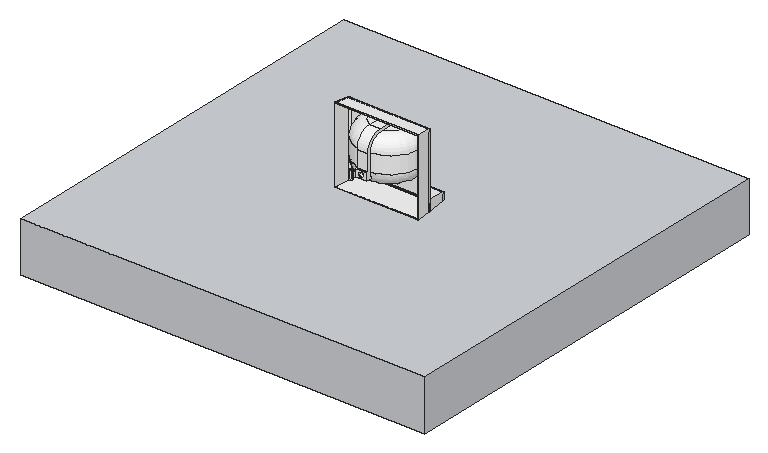
Revit family
Parameters (values of type "Cast_Iron-Kohler-0-White")
  Width = 1' - 8"
  Waste Connection = yes
  WFU = 0
  URL = "http://www.us.kohler.com"
  Sanitary Radius = 5/8"
  Sanitary Diameter = Sanitary Radius * 2  # 1 1/4"
  Sanitary Connector = "Sanitary Connection"  # constant formula
  Product Page URL = "http://www.us.kohler.com/onlinecatalog/detail.jsp?prod_num=2867"
  Product Documentation Link = "http://www.us.kohler.com/onlinecatalog/pdf/105060_4.pdf"
  Model = "K-2867"  # constant formula
  Manufacturer = "Kohler"  # constant formula
  Length = 1' - 6"
  Height = 1' - 1 1/2"
  Finish = Cast Iron-Kohler-0-White
  Description = "Hudson™ wall-mount lavatory with 4 inch centers and lugs for chair carrier\r\n"  # constant formula
  Default Elevation = 0' - 0"
  Created By = "http://www.medialab3dstudio.com"
  CW Connection = no
  Assembly Code = "D2010400"
Reference planes
  plane 1 "Center (Top/Bottom)": y = 0
  plane 2 "Back": z = 0
  plane 3 "Center (Left/Right)": x = 0
  plane 4 "Left": x = -254
  plane 5 "Right": x = 254
  plane 6 "Bottom of Sink": y = -171.45
  plane 7 "Top": y = 171.45
  plane 8 "Finished Floor": y = -742.95
  plane 9 "Front": z = 457.2
  plane 10: y = 44.45
  plane 11: y = -314.325
  plane 12 "Drain Location": z = 203.2
Forms (mm)
  Extrusion 1, solid
    sketch origin (0, 0, 0) x (1, 0, 0) y (0, 1, 0)
      loop
        line (-1219.2, 1219.2) -> (-1219.2, -1219.2) -> (1219.2, -1219.2) -> (1219.2, 1219.2) -> (-1219.2, 1219.2)
    from 0 to -304.8
  Sweep 2, solid, material "Cast Iron-Kohler-0-White" <- "Finish", detail levels fine
    path origin (0, 0, 0) x (1, 0, 0) y (0, 0, 1)
      loop
        line (254, 0) -> (254, 457.2) -> (-254, 457.2) -> (-254, 0)
    profile origin (254, 0, 228.6) x (-1, 0, 0) y (0, -1, 0)
      loop
        line (0, 57.452) -> (7.621, -29.659)
        arc (7.621, -29.659) -> (11.881, -39.943) -> (22.165, -44.202) r 14.543
        line (22.165, -44.202) -> (28.515, -44.202) -> (28.515, -40.996) -> (22.171, -40.996)
        arc (22.171, -40.996) -> (14.119, -37.661) -> (10.784, -29.609) r 11.387
        line (10.784, -29.609) -> (3.187, 57.452) -> (0, 57.452)
  Sweep 3, solid, material "Cast Iron-Kohler-0-White" <- "Finish", detail levels fine
    path origin (0, 0, 0) x (1, 0, 0) y (0, 0, 1)
      loop
        line (224.463, 0) -> (224.463, 44.313) -> (-224.463, 44.313) -> (-224.463, 0)
    profile origin (224.463, 0, 22.156) x (-1, 0, 0) y (0, -1, 0)
      loop
        line (-21.915, -29.659) -> (-2.953, -158.152)
        arc (-2.953, -158.152) -> (2.597, -167.944) -> (13.292, -171.45) r 15.596
        line (13.292, -171.45) -> (19.642, -171.45) -> (19.642, -168.275) -> (13.204, -168.275)
        arc (13.204, -168.275) -> (4.638, -165.512) -> (0.188, -157.689) r 12.421
        line (0.188, -157.689) -> (-18.706, -29.659) -> (-21.915, -29.659)
  Extrusion 4, solid, material "Cast Iron-Kohler-0-White" <- "Finish", detail levels fine
    sketch origin (0, 0, 0) x (1, 0, 0) y (0, 0, 1)
      loop
        line (204.822, 24.671) -> (-204.822, 24.671) -> (-204.822, 0) -> (204.822, 0) -> (204.822, 24.671)
    from -171.45 to -168.275
  Extrusion 5, solid, material "Cast Iron-Kohler-0-White" <- "Finish", detail levels fine
    sketch origin (0, 0, 0) x (1, 0, 0) y (0, 0, 1)
      loop
        line (225.485, 428.685) -> (-225.485, 428.685) -> (-225.485, 62.469) -> (225.485, 62.469) -> (225.485, 428.685)
    from -44.202 to -40.996
  Extrusion 6, void
    sketch origin (0, 0, 0) x (1, 0, 0) y (0, 0, 1)
      loop
        line (187.545, 218.558) -> (187.545, 321.526)
        arc (187.545, 321.526) -> (163.756, 378.957) -> (106.326, 402.745) r 81.219
        line (106.326, 402.745) -> (-106.326, 402.745)
        arc (-106.326, 402.745) -> (-163.756, 378.957) -> (-187.545, 321.526) r 81.219
        line (-187.545, 321.526) -> (-187.545, 218.558)
        arc (-187.545, 218.558) -> (-165.486, 165.304) -> (-112.232, 143.246) r 75.312
        line (-112.232, 143.246) -> (112.232, 143.246)
        arc (112.232, 143.246) -> (165.486, 165.304) -> (187.545, 218.558) r 75.312
    from -44.202 to -40.996
  Extrusion 7, void
    sketch origin (0, 0, 0) x (1, 0, 0) y (0, 0, 1)
      loop
        circle (0, 94.514) r 14.535
      loop
        circle (-50.8, 94.514) r 14.497
      loop
        circle (50.8, 94.514) r 14.497
    from -44.204 to -40.996
  Revolve 8, solid, material "Cast Iron-Kohler-0-White" <- "Finish", detail levels fine
    sketch origin (0, 40.996, 0) x (1, 0, 0) y (0, 0, 1)
      loop
        line (-106.326, 402.745) -> (0, 402.745) -> (0, 405.92) -> (-106.326, 405.92)
        arc (-106.326, 405.92) -> (-166.001, 381.202) -> (-190.72, 321.526) r 84.394
        line (-190.72, 321.526) -> (-190.72, 218.558)
        arc (-190.72, 218.558) -> (-167.731, 163.059) -> (-112.232, 140.071) r 78.487
        line (-112.232, 140.071) -> (0, 140.071) -> (0, 143.246) -> (-112.232, 143.246)
        arc (-112.232, 143.246) -> (-165.486, 165.304) -> (-187.545, 218.558) r 75.312
        line (-187.545, 218.558) -> (-187.545, 321.526)
        arc (-187.545, 321.526) -> (-163.756, 378.957) -> (-106.326, 402.745) r 81.219
      axis (0, 405.92) -> (0, 140.071)
    angle from 0 to -180
  Extrusion 9, solid, material "Cast Iron-Kohler-0-White" <- "Finish", not visible, detail levels fine
    sketch origin (0, 0, 0) x (1, 0, 0) y (0, 1, 0)
      loop
        circle (0, -314.325) r 15.875
    from -4.834 to 0
  Extrusion 10, solid, material "Cast Iron-Kohler-0-White" <- "Finish", detail levels fine
    sketch origin (0, 0, 0) x (0, 1, 0) y (0, 0, 1)
      loop
        line (-171.45, 223.038) -> (-171.45, 183.362) -> (-137.969, 180.433)
        arc (-137.969, 180.433) -> (-144.516, 195.596) -> (-147.568, 211.828) r 74.662
        line (-147.568, 211.828) -> (-147.568, 326.128)
        arc (-147.568, 326.128) -> (-124.735, 381.25) -> (-69.613, 404.083) r 77.955
        line (-69.613, 404.083) -> (41.043, 404.083) -> (41.043, 419.958) -> (-69.613, 419.958)
        arc (-69.613, 419.958) -> (-135.961, 392.476) -> (-163.443, 326.128) r 93.83
        line (-163.443, 326.128) -> (-163.443, 226.415)
        arc (-163.443, 226.415) -> (-167.105, 223.917) -> (-171.45, 223.038) r 11.182
    from -31.75 to 31.75
  Extrusion 11, void
    sketch origin (0, 0, 0) x (1, 0, 0) y (0, 0, 1)
      loop
        circle (0, 203.2) r 15.875
    from 137.226 to 171.45
  Extrusion 12, solid, material "Cast Iron-Kohler-0-White" <- "Finish", detail levels fine
    sketch origin (0, 0, 0) x (1, 0, 0) y (0, 1, 0)
      loop
        line (243.273, 28.957) -> (224.276, 157.689)
        arc (224.276, 157.689) -> (219.825, 165.512) -> (211.26, 168.275) r 12.421
        line (211.26, 168.275) -> (-211.26, 168.275)
        arc (-211.26, 168.275) -> (-219.825, 165.512) -> (-224.276, 157.689) r 12.421
        line (-224.276, 157.689) -> (-243.273, 28.957) -> (-250.813, -57.452) -> (250.813, -57.452) -> (243.273, 28.957)
    from 0 to 2.816
  Extrusion 13, solid, material "Cast Iron-Kohler-0-White" <- "Finish", detail levels coarse+medium
    sketch origin (0, 0, 0) x (1, 0, 0) y (0, 1, 0)
      loop
        line (-254, 171.45) -> (-254, -171.45) -> (254, -171.45) -> (254, 171.45) -> (-254, 171.45)
    from 0 to 457.2
Cuts and joins
  joined: Sweep 3, Extrusion 4, Extrusion 12
  Extrusion 6, Extrusion 7 cuts Extrusion 5
  joined: Sweep 2, Extrusion 5
  Extrusion 11 cuts Extrusion 10
  Extrusion 11 cuts Revolve 8
Lines and regions (mm)
  Masking region 1, detail levels coarse
    outline origin (0, 0, 0) x (1, 0, 0) y (0, 1, 0)
      loop
        line (-254, 171.45) -> (-254, -171.45) -> (254, -171.45) -> (254, 171.45) -> (-254, 171.45)
  Masking region 2, detail levels medium+fine
    outline origin (0, 0, 203.2) x (0, 1, 0) y (-1, 0, 0)
      loop
        line (158.152, 227.417) -> (29.659, 246.379) -> (-57.452, 254) -> (-57.452, 162.145)
        arc (-57.452, 162.145) -> (-116.456, 106.728) -> (-146.963, 31.75) r 189.567
        line (-146.963, 31.75) -> (-171.45, 31.75) -> (-171.45, -31.75) -> (-147.153, -31.75)
        arc (-147.153, -31.75) -> (-116.775, -107.376) -> (-57.452, -163.258) r 189.567
        line (-57.452, -163.258) -> (-57.452, -254) -> (29.659, -246.379) -> (158.152, -227.417)
        arc (158.152, -227.417) -> (167.944, -221.867) -> (171.45, -211.172) r 15.596
        line (171.45, -211.172) -> (171.45, 211.172)
        arc (171.45, 211.172) -> (167.944, 221.867) -> (158.152, 227.417) r 15.596
  Masking region 3
    outline origin (0, 0, 0) x (1, 0, 0) y (0, 0, 1)
      loop
        line (254, 457.2) -> (-254, 457.2) -> (-254, 0) -> (254, 0) -> (254, 457.2)
  Masking region 4, detail levels coarse
    outline origin (0, 0, 0) x (0, 1, 0) y (0, 0, 1)
      loop
        line (-171.45, 457.2) -> (-171.45, 0) -> (171.45, 0) -> (171.45, 457.2) -> (-171.45, 457.2)
  Masking region 5, detail levels medium+fine
    outline origin (0, 0, 0) x (0, 1, 0) y (0, 0, 1)
      loop
        line (-57.452, 0) -> (171.45, 0) -> (171.45, 31.021)
        arc (171.45, 31.021) -> (167.944, 41.716) -> (158.152, 47.266) r 15.596
        line (158.152, 47.266) -> (44.202, 64.082) -> (44.202, 435.035)
        arc (44.202, 435.035) -> (39.943, 445.319) -> (29.659, 449.579) r 14.543
        line (29.659, 449.579) -> (-57.452, 457.2) -> (-57.452, 419.958) -> (-69.613, 419.958)
        arc (-69.613, 419.958) -> (-135.961, 392.476) -> (-163.443, 326.128) r 93.83
        line (-163.443, 326.128) -> (-163.443, 226.415)
        arc (-163.443, 226.415) -> (-167.105, 223.917) -> (-171.45, 223.038) r 11.182
        line (-171.45, 223.038) -> (-171.45, 183.362) -> (-139.821, 180.595)
        arc (-139.821, 180.595) -> (-112.248, 151) -> (-73.304, 140.071) r 74.854
        line (-73.304, 140.071) -> (-57.452, 140.071) -> (-57.452, 0)
  symbolic lines, style "Masking Lines", detail levels fine
    curve 1: arc (-231.835, 44.202, 457.2) -> (-242.119, 39.943, 457.2) -> (-246.379, 29.659, 457.2) r 14.543
    curve 2: line (231.835, 44.202, 457.2) -> (-231.835, 44.202, 457.2)
    curve 3: arc (231.835, 44.202, 457.2) -> (242.119, 39.943, 457.2) -> (246.379, 29.659, 457.2) r 14.543
    curve 4: line (-162.145, -57.452, 203.2) -> (163.258, -57.452, 203.2)
    curve 5: line (-31.75, -147.568, 457.2) -> (-31.75, -57.452, 457.2)
    curve 6: line (31.75, -147.568, 457.2) -> (31.75, -57.452, 457.2)
    curve 7: line (-31.75, -137.969, 457.2) -> (31.75, -137.969, 457.2)
    curve 8: line (-31.75, -163.443, 457.2) -> (31.75, -163.443, 457.2)
    curve 9: arc (-31.75, -146.963, 0) -> (-0.008, -149.735, 0) -> (31.75, -147.153, 0) r 189.639
    curve 18: arc (15.875, 0, 203.2) -> (0, 0, 219.075) -> (-15.875, 0, 203.2) r 15.875
    curve 19: arc (-15.875, 0, 203.2) -> (0, 0, 187.325) -> (15.875, 0, 203.2) r 15.875
    curve 20: arc (36.303, 0, 94.514) -> (50.8, 0, 80.017) -> (65.297, 0, 94.514) r 14.497
    curve 21: arc (65.297, 0, 94.514) -> (50.8, 0, 109.011) -> (36.303, 0, 94.514) r 14.497
    curve 22: arc (-14.535, 0, 94.514) -> (0, 0, 79.978) -> (14.535, 0, 94.514) r 14.535
    curve 23: arc (14.535, 0, 94.514) -> (0, 0, 109.049) -> (-14.535, 0, 94.514) r 14.535
    curve 24: arc (-36.303, 0, 94.514) -> (-50.8, 0, 109.011) -> (-65.297, 0, 94.514) r 14.497
    curve 25: arc (-65.297, 0, 94.514) -> (-50.8, 0, 80.017) -> (-36.303, 0, 94.514) r 14.497
    curve 26: line (-211.172, 0, 31.021) -> (211.172, 0, 31.021)
    curve 27: line (211.172, 0, 31.021) -> (211.172, 0, 0)
    curve 28: line (-211.172, 0, 0) -> (-211.172, 0, 31.021)
    curve 29: line (243.169, 0, 63.019) -> (243.169, 0, 0)
    curve 30: line (-243.169, 0, 63.019) -> (243.169, 0, 63.019)
    curve 31: line (-243.169, 0, 0) -> (-243.169, 0, 63.019)
    curve 32: line (0, -57.452, 419.958) -> (0, -57.452, 140.071)
    curve 33: line (0, 44.202, 64.082) -> (0, 44.202, 0)
    curve 34: line (0, -57.452, 405.92) -> (0, -66.954, 405.92)
    curve 35: arc (0, -66.954, 405.92) -> (0, -124.104, 383.043) -> (0, -149.681, 327.049) r 82.822
    curve 36: line (0, -149.681, 327.049) -> (0, -149.681, 218.558)
    curve 37: arc (0, -139.821, 180.595) -> (0, -147.176, 198.947) -> (0, -149.681, 218.558) r 78.012
  symbolic lines, style "Masking Lines", detail levels medium+fine
    curve 10: arc (187.545, 0, 321.526) -> (163.756, 0, 378.957) -> (106.326, 0, 402.745) r 81.219
    curve 11: line (106.326, 0, 402.745) -> (-106.326, 0, 402.745)
    curve 12: arc (-106.326, 0, 402.745) -> (-163.756, 0, 378.957) -> (-187.545, 0, 321.526) r 81.219
    curve 13: line (-187.545, 0, 321.526) -> (-187.545, 0, 218.558)
    curve 14: arc (-187.545, 0, 218.558) -> (-165.486, 0, 165.304) -> (-112.232, 0, 143.246) r 75.312
    curve 15: line (-112.232, 0, 143.246) -> (112.232, 0, 143.246)
    curve 16: arc (112.232, 0, 143.246) -> (165.486, 0, 165.304) -> (187.545, 0, 218.558) r 75.312
    curve 17: line (187.545, 0, 218.558) -> (187.545, 0, 321.526)
Dimensions and locks
  equal spacing: plane 6 "Bottom of Sink", plane 1 "Center (Top/Bottom)", plane 7 "Top"
  "Height": plane 6 "Bottom of Sink" to plane 7 "Top"
  equal spacing: plane 4 "Left", plane 3 "Center (Left/Right)", plane 5 "Right"
  "Width": plane 4 "Left" to plane 5 "Right"
  "Length": plane 9 "Front" to plane 2 "Back"
  locked: plane 10 to plane 7 "Top" at 127
  locked: plane 11 to plane 10 at 358.775
  locked: plane 8 "Finished Floor" to plane 10 at 787.4
  "Sanitary Radius": radius of Extrusion 9 sketch curve
  aligned and locked: plane 2 "Back" to Extrusion 1
  aligned and locked: level to Extrusion 1
Automatic sketch dimensions
  Extrusion 1 sketch curve to Extrusion 1 sketch curve = 8' - 0"  (x2)
  Sweep 2 sketch curve to plane 4 "Left" = 0' - 0"
  Sweep 2 sketch curve to plane 5 "Right" = 0' - 0"
  Sweep 2 sketch curve to level = 0' - 0"  (x2)
  Sweep 2 sketch curve to plane 9 "Front" = 0' - 0"
  Sweep 2 sketch curve to profile plane = 0' - 0"
  Sweep 2 sketch curve to Sweep 2 sketch curve = 0' - 0.12547"
  Sweep 2 sketch curve to profile plane = 0' - 0.30005"
  Sweep 2 sketch curve to Sweep 2 sketch curve = 0' - 0.12452"
  Sweep 2 sketch curve to Sweep 2 sketch curve = 0' - 0.44806"
  Sweep 2 sketch curve to Sweep 2 sketch curve = 0' - 0.00026"
  Sweep 2 sketch curve to Sweep 2 sketch curve = 0' - 0 1/4"
  Sweep 2 sketch curve to plane 1 "Center (Top/Bottom)" = 0' - 1.74024"
  Sweep 2 sketch curve to Sweep 2 sketch curve = 0' - 0.12621"
  plane 1 "Center (Top/Bottom)" to Sweep 2 sketch curve = 0' - 2.26191"
  Sweep 3 sketch curve to level = 0' - 0"  (x2)
  plane 4 "Left" to Sweep 3 sketch curve = 0' - 1.16286"
  Sweep 3 sketch curve to plane 5 "Right" = 0' - 1.16286"
  level to Sweep 3 sketch curve = 0' - 1.7446"
  Sweep 3 sketch curve to Sweep 3 sketch curve = 0' - 0"  (x2)
  profile plane to Sweep 3 sketch curve = 0' - 0.86281"
  Sweep 3 sketch curve to Sweep 3 sketch curve = 0' - 0.12635"
  profile plane to Sweep 3 sketch curve = 0' - 0.11627"
  Sweep 3 sketch curve to profile plane = 0' - 0.00739"
  Sweep 3 sketch curve to Sweep 3 sketch curve = 0' - 0.48377"
  Sweep 3 sketch curve to Sweep 3 sketch curve = 0' - 0.02868"
  Sweep 3 sketch curve to Sweep 3 sketch curve = 0' - 0.00346"
  Sweep 3 sketch curve to Sweep 3 sketch curve = 0' - 0 1/4"
  Sweep 3 sketch curve to plane 1 "Center (Top/Bottom)" = 0' - 6 3/4"
  Sweep 3 sketch curve to Sweep 3 sketch curve = 0' - 0 1/8"
  Sweep 3 sketch curve to Sweep 3 sketch curve = 0' - 0.39853"
  Sweep 3 sketch curve to plane 1 "Center (Top/Bottom)" = 0' - 1.16767"
  Extrusion 4 sketch curve to level = 0' - 0"
  plane 4 "Left" to Extrusion 4 sketch curve = 0' - 1.93615"
  Extrusion 4 sketch curve to plane 5 "Right" = 0' - 1.93615"
  Extrusion 4 sketch curve to Extrusion 4 sketch curve = 0' - 0.97131"
  plane 4 "Left" to Extrusion 5 sketch curve = 0' - 1.12262"
  Extrusion 5 sketch curve to plane 5 "Right" = 0' - 1.12262"
  level to Extrusion 5 sketch curve = 0' - 2.45942"
  Extrusion 5 sketch curve to plane 9 "Front" = 0' - 1.12262"
  plane 4 "Left" to Extrusion 6 sketch curve = 0' - 2.61635"
  Extrusion 6 sketch curve to Extrusion 6 sketch curve = 0' - 2.96505"
  Extrusion 6 sketch curve to plane 9 "Front" = 0' - 2.14388"
  Extrusion 6 sketch curve to plane 3 "Center (Left/Right)" = 0' - 4.18605"
  plane 3 "Center (Left/Right)" to Extrusion 6 sketch curve = 0' - 4.18605"
  Extrusion 6 sketch curve to Extrusion 6 sketch curve = 0' - 0.23255"
  Extrusion 6 sketch curve to plane 5 "Right" = 0' - 2.61635"
  Extrusion 6 sketch curve to Extrusion 6 sketch curve = 0' - 4.05387"
  Extrusion 7 sketch curve to plane 3 "Center (Left/Right)" = 0' - 0"
  Extrusion 7 sketch curve to Extrusion 7 sketch curve = 0' - 2"
  plane 3 "Center (Left/Right)" to Extrusion 7 sketch curve = 0' - 2"
  level to Extrusion 7 sketch curve = 0' - 3.72101"  (x2)
  Extrusion 7 sketch curve to Extrusion 7 sketch curve = 0' - 0"
  Revolve 8 sketch curve to Revolve 8 sketch curve = 0' - 0"  (x4)
  Revolve 8 sketch curve to plane 3 "Center (Left/Right)" = 0' - 0"  (x3)
  Revolve 8 sketch curve to plane 9 "Front" = 0' - 2.14388"
  Revolve 8 sketch curve to Revolve 8 sketch curve = 0' - 4.18605"
  Revolve 8 sketch curve to Revolve 8 sketch curve = 0' - 0.23255"
  plane 4 "Left" to Revolve 8 sketch curve = 0' - 2.61635"
  Revolve 8 sketch curve to Revolve 8 sketch curve = 0' - 0 1/8"
  Revolve 8 sketch curve to Revolve 8 sketch curve = 0' - 4.05387"
  Revolve 8 sketch curve to Revolve 8 sketch curve = 0' - 0.91169"
  plane 9 "Front" to Revolve 8 sketch curve = 0' - 0.73112"
  Extrusion 9 sketch curve to plane 3 "Center (Left/Right)" = 0' - 0"
  plane 11 to Extrusion 9 sketch curve = 0' - 0"
  Extrusion 10 sketch curve to Extrusion 10 sketch curve = 0' - 0"  (x2)
  Extrusion 10 sketch curve to plane 6 "Bottom of Sink" = 0' - 0"
  Extrusion 10 sketch curve to plane 6 "Bottom of Sink" = 0' - 0.31524"
  Extrusion 10 sketch curve to Extrusion 10 sketch curve = 0' - 0 5/8"
  plane 12 "Drain Location" to Extrusion 10 sketch curve = 0' - 0.89635"
  Extrusion 10 sketch curve to Extrusion 10 sketch curve = 0' - 0.37789"
  Extrusion 10 sketch curve to plane 12 "Drain Location" = 0' - 0.56005"
  plane 1 "Center (Top/Bottom)" to Extrusion 10 sketch curve = 0' - 2.87859"
  plane 1 "Center (Top/Bottom)" to Extrusion 10 sketch curve = 0' - 2.74067"
  plane 10 to Extrusion 10 sketch curve = 0' - 0.13415"
  plane 12 "Drain Location" to Extrusion 10 sketch curve = 0' - 0.78103"
  Extrusion 10 sketch curve to plane 12 "Drain Location" = 0' - 0.78103"
  Extrusion 10 sketch curve to Extrusion 10 sketch curve = 0' - 0.13294"
  Extrusion 10 sketch curve to Extrusion 10 sketch curve = 0' - 3.61841"
  Extrusion 11 sketch curve to plane 3 "Center (Left/Right)" = 0' - 0"
  Extrusion 11 sketch curve to plane 12 "Drain Location" = 0' - 0"
  plane 4 "Left" to Extrusion 12 sketch curve = 0' - 0.12547"
  plane 4 "Left" to Extrusion 12 sketch curve = 0' - 0.42233"
  plane 7 "Top" to Extrusion 12 sketch curve = 0' - 0.54178"
  plane 4 "Left" to Extrusion 12 sketch curve = 0' - 1.17025"
  Extrusion 12 sketch curve to Extrusion 12 sketch curve = 0' - 0.48377"  (x2)
  plane 7 "Top" to Extrusion 12 sketch curve = 0' - 0 1/8"
  Extrusion 12 sketch curve to Extrusion 12 sketch curve = 0' - 0.02868"  (x2)
  Extrusion 12 sketch curve to plane 5 "Right" = 0' - 1.68269"
  Extrusion 12 sketch curve to plane 5 "Right" = 0' - 0.42233"
  Extrusion 12 sketch curve to plane 5 "Right" = 0' - 0.12547"
  Extrusion 12 sketch curve to Extrusion 12 sketch curve = 0' - 0.48817"
  plane 10 to Extrusion 12 sketch curve = 0' - 0.60995"  (x2)
  plane 1 "Center (Top/Bottom)" to Extrusion 12 sketch curve = 0' - 2.26191"
  Masking region 1 sketch curve to plane 4 "Left" = 0' - 0"
  plane 6 "Bottom of Sink" to Masking region 1 sketch curve = 0' - 0"
  plane 5 "Right" to Masking region 1 sketch curve = 0' - 0"
  Masking region 1 sketch curve to plane 7 "Top" = 0' - 0"
  curve 3 to plane 5 "Right" = 0' - 0.30005"
  curve 3 to curve 3 = 0' - 0.57257"
  plane 3 "Center (Left/Right)" to curve 7 = 0' - 1 1/4"
  curve 8 to curve 6 = 0' - 0"
  curve 5 to plane 3 "Center (Left/Right)" = 0' - 1 1/4"
  curve 8 to curve 5 = 0' - 0"
  plane 4 "Left" to curve 1 = 0' - 0.87262"
  plane 4 "Left" to curve 1 = 0' - 0.30005"
  plane 10 to curve 1 = 0' - 0.00976"
  plane 1 "Center (Top/Bottom)" to curve 5 = 0' - 2.26191"
  plane 1 "Center (Top/Bottom)" to curve 6 = 0' - 2.26191"
  curve 7 to plane 6 "Bottom of Sink" = 0' - 1.31814"
  curve 7 to curve 6 = 0' - 0.37789"
  curve 7 to curve 5 = 0' - 0.37789"
  curve 8 to plane 6 "Bottom of Sink" = 0' - 0.31524"
  curve 9 to plane 3 "Center (Left/Right)" = 0' - 1 1/4"
  plane 3 "Center (Left/Right)" to curve 9 = 0' - 0.02192"
  plane 3 "Center (Left/Right)" to curve 9 = 0' - 1 1/4"
  curve 9 to plane 6 "Bottom of Sink" = 0' - 0.95659"
  curve 9 to curve 9 = 0' - 0.00744"
  plane 1 "Center (Top/Bottom)" to curve 4 = 0' - 2.26191"
  curve 4 to plane 5 "Right" = 0' - 3.57253"
  plane 4 "Left" to curve 4 = 0' - 3.61635"
  Masking region 2 sketch curve to Masking region 2 sketch curve = 0' - 0"  (x2)
  plane 6 "Bottom of Sink" to Masking region 2 sketch curve = 0' - 0"
  Masking region 2 sketch curve to plane 4 "Left" = 0' - 0"
  Masking region 2 sketch curve to plane 5 "Right" = 0' - 0"
  plane 7 "Top" to Masking region 2 sketch curve = 0' - 0"
  Masking region 2 sketch curve to plane 6 "Bottom of Sink" = 0' - 0.95659"
  Masking region 2 sketch curve to plane 6 "Bottom of Sink" = 0' - 0.96404"
  plane 1 "Center (Top/Bottom)" to Masking region 2 sketch curve = 0' - 2.26191"  (x2)
  plane 10 to Masking region 2 sketch curve = 0' - 0.58233"  (x2)
  plane 3 "Center (Left/Right)" to Masking region 2 sketch curve = 0' - 0.02191"
  plane 10 to Masking region 2 sketch curve = 0' - 0.18187"
  plane 7 "Top" to Masking region 2 sketch curve = 0' - 0.61317"  (x2)
  plane 7 "Top" to Masking region 2 sketch curve = 0' - 0.52353"  (x2)
  Masking region 2 sketch curve to plane 5 "Right" = 0' - 0.30005"
  Masking region 2 sketch curve to plane 5 "Right" = 0' - 1.04659"
  Masking region 2 sketch curve to Masking region 2 sketch curve = 0' - 0.60743"
  Masking region 2 sketch curve to Masking region 2 sketch curve = 0' - 3.57253"
  Masking region 2 sketch curve to plane 3 "Center (Left/Right)" = 0' - 1 1/4"
  plane 4 "Left" to Masking region 2 sketch curve = 0' - 1.68615"
  Masking region 2 sketch curve to Masking region 2 sketch curve = 0' - 0.03213"
  plane 4 "Left" to Masking region 2 sketch curve = 0' - 0.30005"
  Masking region 3 sketch curve to plane 4 "Left" = 0' - 0"
  plane 5 "Right" to Masking region 3 sketch curve = 0' - 0"
  Masking region 3 sketch curve to level = 0' - 0"
  plane 9 "Front" to Masking region 3 sketch curve = 0' - 0"
  Extrusion 13 sketch curve to plane 4 "Left" = 0' - 0"
  Extrusion 13 sketch curve to plane 5 "Right" = 0' - 0"
  plane 6 "Bottom of Sink" to Extrusion 13 sketch curve = 0' - 0"
  plane 7 "Top" to Extrusion 13 sketch curve = 0' - 0"
  Masking region 4 sketch curve to plane 6 "Bottom of Sink" = 0' - 0"
  Masking region 4 sketch curve to plane 9 "Front" = 0' - 0"
  Masking region 4 sketch curve to plane 7 "Top" = 0' - 0"
  Masking region 4 sketch curve to level = 0' - 0"
  Masking region 5 sketch curve to plane 6 "Bottom of Sink" = 0' - 0"
  Masking region 5 sketch curve to level = 0' - 0"
  Masking region 5 sketch curve to plane 9 "Front" = 0' - 0"
  Masking region 5 sketch curve to plane 7 "Top" = 0' - 0"
  Masking region 5 sketch curve to plane 6 "Bottom of Sink" = 0' - 0.31524"
  Masking region 5 sketch curve to plane 6 "Bottom of Sink" = 0' - 1.24524"
  plane 1 "Center (Top/Bottom)" to Masking region 5 sketch curve = 0' - 2.88597"
  plane 1 "Center (Top/Bottom)" to Masking region 5 sketch curve = 0' - 2.74067"
  Masking region 5 sketch curve to Masking region 5 sketch curve = 0' - 0.47877"
  plane 10 to Masking region 5 sketch curve = 0' - 0.58233"
  plane 10 to Masking region 5 sketch curve = 0' - 0.00976"
  plane 7 "Top" to Masking region 5 sketch curve = 0' - 0.61317"
  plane 7 "Top" to Masking region 5 sketch curve = 0' - 0.52353"
  level to Masking region 5 sketch curve = 0' - 1.22131"
  Masking region 5 sketch curve to Masking region 5 sketch curve = 0' - 0.03213"
  level to Masking region 5 sketch curve = 0' - 2.52292"
  plane 12 "Drain Location" to Masking region 5 sketch curve = 0' - 2.4854"
  plane 12 "Drain Location" to Masking region 5 sketch curve = 0' - 0.88997"
  plane 12 "Drain Location" to Masking region 5 sketch curve = 0' - 0.78103"
  Masking region 5 sketch curve to plane 12 "Drain Location" = 0' - 0.78103"
  Masking region 5 sketch curve to Masking region 5 sketch curve = 0' - 0.13294"
  Masking region 5 sketch curve to Masking region 5 sketch curve = 0' - 3.61841"
  Masking region 5 sketch curve to plane 9 "Front" = 0' - 0.87262"
  plane 1 "Center (Top/Bottom)" to Masking region 5 sketch curve = 0' - 2.26191"
  curve 33 to level = 0' - 0"
  curve 37 to plane 6 "Bottom of Sink" = 0' - 0.85704"
  plane 12 "Drain Location" to curve 37 = 0' - 0.88997"
  curve 37 to plane 6 "Bottom of Sink" = 0' - 1.24524"
  curve 37 to plane 12 "Drain Location" = 0' - 0.60465"
  curve 35 to plane 9 "Front" = 0' - 2.01888"
  plane 1 "Center (Top/Bottom)" to curve 35 = 0' - 2.63597"
  curve 34 to curve 32 = 0' - 0.37406"
  plane 10 to curve 33 = 0' - 0.00976"
  level to curve 33 = 0' - 2.52292"
  plane 12 "Drain Location" to curve 32 = 0' - 2.4854"
  curve 35 to curve 35 = 0' - 3.2607"
  curve 34 to curve 32 = 0' - 0.55265"
  curve 18 to curve 19 = 0' - 0"  (x2)
  curve 20 to curve 21 = 0' - 0"  (x2)
  curve 22 to curve 23 = 0' - 0"  (x2)
  curve 24 to curve 25 = 0' - 0"  (x2)
  curve 31 to level = 0' - 0"
  curve 28 to level = 0' - 0"
  curve 19 to plane 12 "Drain Location" = 0' - 0"
  curve 23 to plane 3 "Center (Left/Right)" = 0' - 0"
  curve 19 to plane 3 "Center (Left/Right)" = 0' - 0"
  curve 27 to level = 0' - 0"
  curve 29 to level = 0' - 0"
  curve 22 to curve 22 = 0' - 0.57226"
  curve 18 to curve 18 = 0' - 0 5/8"
  curve 24 to curve 22 = 0' - 0.85698"
  curve 24 to curve 24 = 0' - 0.57075"
  curve 11 to plane 3 "Center (Left/Right)" = 0' - 4.18605"
  curve 14 to plane 12 "Drain Location" = 0' - 0.60465"
  curve 14 to curve 18 = 0' - 3.7936"
  plane 4 "Left" to curve 13 = 0' - 2.61635"
  plane 4 "Left" to curve 28 = 0' - 1.68615"
  plane 4 "Left" to curve 31 = 0' - 0.4264"
  curve 22 to curve 20 = 0' - 0.85698"
  curve 20 to curve 20 = 0' - 0.57075"
  plane 3 "Center (Left/Right)" to curve 10 = 0' - 4.18605"
  curve 21 to curve 16 = 0' - 1.84785"
  curve 17 to plane 12 "Drain Location" = 0' - 0.60465"
  curve 27 to plane 5 "Right" = 0' - 1.68615"
  curve 29 to plane 5 "Right" = 0' - 0.4264"
  curve 27 to curve 27 = 0' - 1.22131"
  curve 26 to curve 30 = 0' - 1.25975"
  curve 25 to curve 15 = 0' - 1.91858"
  curve 23 to curve 24 = 0' - 0"
  curve 21 to curve 22 = 0' - 0"
  curve 17 to curve 17 = 0' - 4.05387"
  radius of Extrusion 7 sketch curve = 0' - 0.57226"
  radius of Extrusion 7 sketch curve = 0' - 0.57075"  (x2)
  radius of Extrusion 11 sketch curve = 0' - 0 5/8"
Connectors
  piping at (0, -314.325, 0), driven by "Sanitary Radius", driven by "Waste Connection", driven by "Sanitary Connector", driven by "WFU"
    settings: on Extrusion 9, index 1, connector radius 5/8", flow factor 0, pipe flow 0 GPM, pressure drop 0.00 psi, fitting loss kfactor 0, connector angle 0.00°, fixture units 0, flow configuration 3, flow direction 2, fitting loss method 0, system type 16, connector reference index -1, connector utility 1, adjustable connector yes, is connector primary yes, fitting loss table "", connector description "Sanitary Connection"
